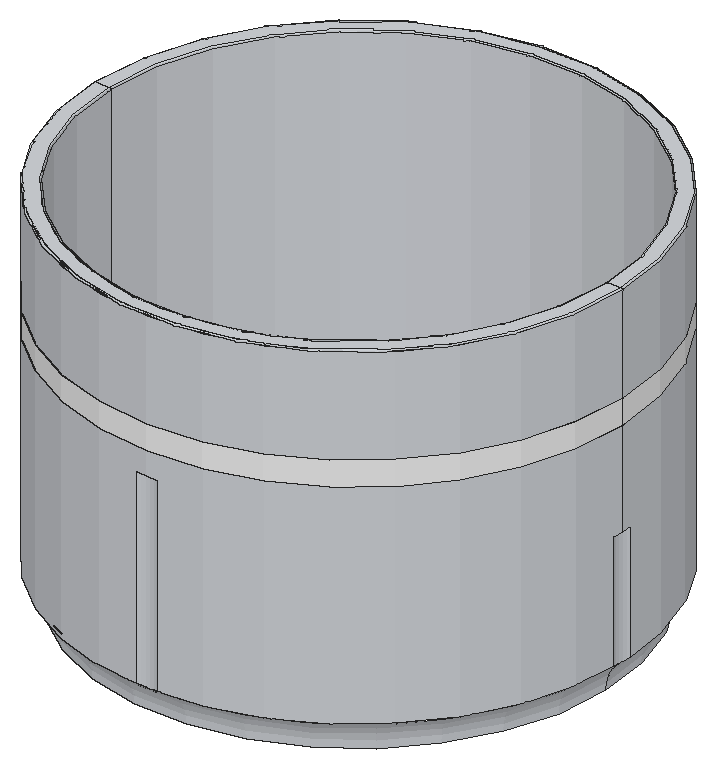
Revit family "Jardinera Aro", category Furniture, Revit 2020
Family settings
  OmniClass Number = 23.40.20.00
  OmniClass Title = General Furniture and Specialties
  Work Plane-Based = No
  Always vertical = Yes
  Cut with Voids When Loaded = No
  Shared = No
  Room Calculation Point = No
Parameters (values of type "Jardinera Aro-UM1111-810mm")
  URL_Producto = ""
  Referencia = ""
  Material = none
  H = 0.560 m
  Ficha_Tecnica = ""
  Fabricante = ""
  Default Elevation = 0.000 m
  A = 0.810 m
Reference planes (m)
  plane 1 "Center (Front/Back)": y = 0
  plane 2: z = 0
  plane 3 "Center (Left/Right)": x = 0
  plane 4: z = 0.56
  plane 5: x = -0.405
  plane 6: x = 0.405
Forms (m)
  Revolve 1, solid, material <- "Material"
    sketch origin (0, 0, 0) x (1, 0, 0) y (0, 0, 1)
      loop
        line (-0.382, 0.56) -> (-0.403, 0.56)
        arc (-0.403, 0.56) -> (-0.404414, 0.559414) -> (-0.405, 0.558) r 0.002
        line (-0.405, 0.558) -> (-0.405, 0.41) -> (-0.4, 0.41) -> (-0.4, 0.3725) -> (-0.405, 0.3725) -> (-0.405, 0.0475)
        arc (-0.405, 0.0475) -> (-0.386431, 0.026944) -> (-0.38, 0) r 0.05594
        line (-0.38, 0) -> (0, 0) -> (0, 0.025) -> (-0.358667, 0.025)
        arc (-0.358667, 0.025) -> (-0.367149, 0.043553) -> (-0.38, 0.059395) r 0.08094
        line (-0.38, 0.059395) -> (-0.38, 0.558)
        arc (-0.38, 0.558) -> (-0.380586, 0.559414) -> (-0.382, 0.56) r 0.002
      axis (0, 0) -> (0, 0.56)
    angle from 0 to 360
  Revolve 2, solid, material "Aluminium"
    sketch origin (0, 0, 0) x (1, 0, 0) y (0, 0, 1)
      loop
        line (-0.405, 0.409922) -> (-0.405, 0.372578) -> (-0.4, 0.372578) -> (-0.4, 0.409922) -> (-0.405, 0.409922)
      axis (0, 0.372578) -> (0, 0.409922)
    angle from 0 to 360
  Extrusion 3, void
    sketch origin (-0.003074, 0.000937, 0) x (1, 0, 0) y (0, 1, 0)
      loop
        circle (0.003271, -0.430621) r 0.03
    from 0.039108 to 0.338249
  Extrusion 4, void
    sketch origin (-0.003074, -0.000937, 0) x (1, 0, 0) y (0, 1, 0)
      loop
        circle (0.003271, 0.430621) r 0.03
    from 0.039108 to 0.338249
  Extrusion 5, void
    sketch origin (0.000937, 0.003074, 0) x (0, -1, 0) y (1, 0, 0)
      loop
        circle (0.003271, -0.430621) r 0.03
    from 0.039108 to 0.226831
  Extrusion 6, void
    sketch origin (-0.000937, 0.003074, 0) x (0, -1, 0) y (1, 0, 0)
      loop
        circle (0.003271, 0.430621) r 0.03
    from 0.039108 to 0.226831
Cuts and joins
  Extrusion 3, Extrusion 4, Extrusion 5, Extrusion 6 cuts Revolve 1
Dimensions and locks (m)
  "A": plane 5 to plane 6
  "H": plane 4 to level
  aligned and locked: level to plane 2
Automatic sketch dimensions
  Revolve 1 sketch curve to Revolve 1 sketch curve = 0.000 m  (x2)
  plane 5 to Revolve 1 sketch curve = 0.000 m  (x2)
  Revolve 1 sketch curve to plane 4 = 0.000 m
  Revolve 1 sketch curve to level = 0.000 m
  Revolve 1 sketch curve to plane 3 "Center (Left/Right)" = 0.000 m  (x2)
  level to Revolve 1 sketch curve = 0.00089 m
  plane 5 to Revolve 1 sketch curve = 0.030933 m
  Revolve 1 sketch curve to plane 5 = 0.002 m
  Revolve 1 sketch curve to plane 5 = 0.005 m
  Revolve 1 sketch curve to plane 4 = 0.002 m
  Revolve 1 sketch curve to Revolve 1 sketch curve = 0.021 m
  Revolve 1 sketch curve to plane 5 = 0.025 m
  Revolve 1 sketch curve to Revolve 1 sketch curve = 0.021333 m
  level to Revolve 1 sketch curve = 0.025 m
  Revolve 1 sketch curve to Revolve 1 sketch curve = 0.1855 m
  Revolve 1 sketch curve to Revolve 1 sketch curve = 0.0375 m
  Revolve 1 sketch curve to Revolve 1 sketch curve = 0.2275 m
  Revolve 1 sketch curve to plane 4 = 0.150 m
  plane 5 to Revolve 2 sketch curve = 0.000 m
  Revolve 2 sketch curve to plane 3 "Center (Left/Right)" = 0.000 m
  Revolve 2 sketch curve to plane 5 = 0.005 m
  Revolve 2 sketch curve to plane 4 = 0.187422 m
  Revolve 2 sketch curve to Revolve 2 sketch curve = 0.037344 m
  Revolve 2 sketch curve to plane 4 = 0.100078 m
  Revolve 2 sketch curve to Revolve 2 sketch curve = 0.035 m
  plane 3 "Center (Left/Right)" to Extrusion 3 sketch curve = 0.000197 m
  plane 1 "Center (Front/Back)" to Extrusion 3 sketch curve = 0.429683 m
  Extrusion 4 sketch curve to plane 3 "Center (Left/Right)" = 0.000197 m
  plane 1 "Center (Front/Back)" to Extrusion 4 sketch curve = 0.429683 m
  plane 1 "Center (Front/Back)" to Extrusion 5 sketch curve = 0.000197 m
  plane 5 to Extrusion 5 sketch curve = 0.024683 m
  Extrusion 6 sketch curve to plane 1 "Center (Front/Back)" = 0.000197 m
  plane 6 to Extrusion 6 sketch curve = 0.024683 m
  radius of Extrusion 3 sketch curve = 0.030 m
  radius of Extrusion 4 sketch curve = 0.030 m
  radius of Extrusion 5 sketch curve = 0.030 m
  radius of Extrusion 6 sketch curve = 0.030 m
